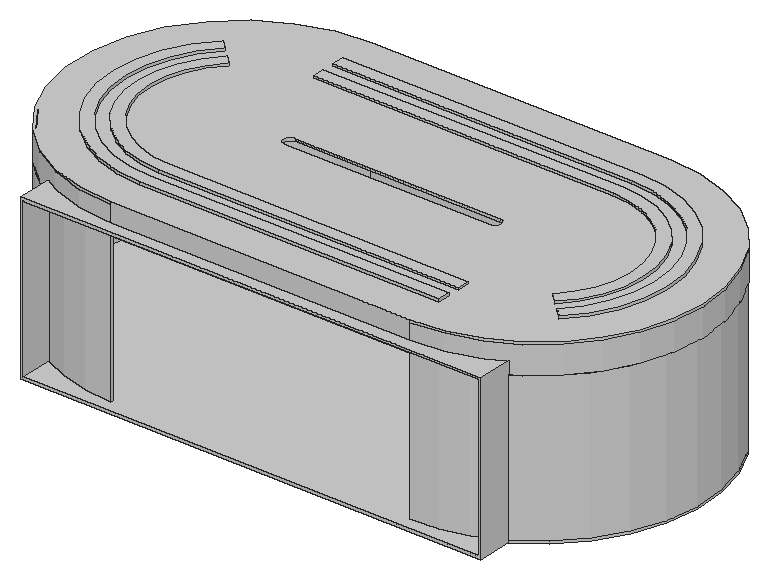
Revit family "ToiletPaperDispenser_Metlam_DoubleJumbo", category Generic Models, host Face, Revit 2013
Parameters (values of type "Metlam Double Jumbo TPD")
  Width = 520 mm
  URL = "http://www.metlam.com.au/products/washroom/123"
  StyleOrType_ANZRS = "Sanitary Ware"
  Product Code = "ML 841 DBL"
  ModifiedIssue_ANZRS = 130318.01
  Model = "Double Jumbo"
  Material = Stainless Steel, Satin
  Manufacturer = "Metlam"
  Keywords = "CAPACITY 2 Standard Rolls up to 108mm wide sheet x 300mm long"
  Height = 284 mm
  FilterObject_ANZRS = "Toilet Paper Dispenser"
  Description = "SS Double Large Toilet Roll Dispenser"
  Depth = 150 mm
  Default Elevation = 1219.2 mm
  CreatedBy_ANZRS = "RubySketch"
  CreatedByURL_ANZRS = "http://www.rubysketch.com/"
  CreatedByPhoneNo_ANZRS = "1300 844 728"
  Assembly Code = "E1090900"
Reference planes
  plane 1 "Center (Front/Back)": y = 0
  plane 2: z = 0
  plane 3 "Center (Left/Right)": x = 0
Forms (mm)
  Extrusion 1, solid, material "Stainless Steel, Satin" <- "Material", detail levels fine
    sketch origin (0, 0, 0) x (1, 0, 0) y (0, 0, 1)
      loop
        line (191, 0) -> (191, 135) -> (-191, 135) -> (-191, 0) -> (191, 0)
      loop
        line (189, 2) -> (189, 133) -> (-189, 133) -> (-189, 2) -> (189, 2)
    from 0 to -34.344
  Extrusion 2, solid, material "Stainless Steel, Satin" <- "Material", detail levels fine
    sketch origin (0, 0, 0) x (1, 0, 0) y (0, 1, 0)
      loop
        line (124, 280) -> (-124, 280)
        arc (-124, 280) -> (-259, 145) -> (-124, 10) r 135
        line (-124, 10) -> (-124, 12)
        arc (-124, 12) -> (-257, 145) -> (-124, 278) r 133
        line (-124, 278) -> (124, 278)
        arc (124, 278) -> (257, 145) -> (124, 12) r 133
        line (124, 12) -> (124, 10)
        arc (124, 10) -> (259, 145) -> (124, 280) r 135
    from 2 to 125
  Extrusion 3, solid, material "Stainless Steel, Satin" <- "Material", detail levels fine
    sketch origin (0, 0, 0) x (1, 0, 0) y (0, 1, 0)
      loop
        arc (-124, 280) -> (-259, 145) -> (-124, 10) r 135
        line (-124, 10) -> (124, 10)
        arc (124, 10) -> (259, 145) -> (124, 280) r 135
        line (124, 280) -> (-124, 280)
    from 0 to 2
  Extrusion 4, solid, material "Stainless Steel, Satin" <- "Material", detail levels fine
    sketch origin (0, 0, 0) x (1, 0, 0) y (0, 1, 0)
      loop
        line (124, 280) -> (-124, 280)
        arc (-124, 280) -> (-259, 145) -> (-124, 10) r 135
        line (-124, 10) -> (124, 10)
        arc (124, 10) -> (259, 145) -> (124, 280) r 135
      loop
        arc (-124, 278) -> (-257, 145) -> (-124, 12) r 133
        line (-124, 12) -> (124, 12)
        arc (124, 12) -> (257, 145) -> (124, 278) r 133
        line (124, 278) -> (-124, 278)
    from 125 to 148
  Extrusion 5, solid, material "Stainless Steel, Satin" <- "Material", detail levels fine
    sketch origin (0, 0, 0) x (1, 0, 0) y (0, 1, 0)
      loop
        line (124, 280) -> (-124, 280)
        arc (-124, 280) -> (-259, 145) -> (-124, 10) r 135
        line (-124, 10) -> (124, 10)
        arc (124, 10) -> (259, 145) -> (124, 280) r 135
      loop
        line (-83.6, 140) -> (86.4, 140)
        arc (86.4, 140) -> (91.4, 145) -> (86.4, 150) r 5
        line (86.4, 150) -> (-83.6, 150)
        arc (-83.6, 150) -> (-88.6, 145) -> (-83.6, 140) r 5
    from 148 to 150
  Extrusion 6, solid, material "Stainless Steel, Satin", detail levels fine
    sketch origin (0, 0, 0) x (1, 0, 0) y (0, 1, 0)
      loop
        arc (-184.104, 205.104) -> (-202.53, 112.472) -> (-124, 60) r 85
        line (-124, 60) -> (124, 60) -> (124, 70) -> (-124, 70)
        arc (-124, 70) -> (-193.291, 116.299) -> (-177.033, 198.033) r 75
        line (-177.033, 198.033) -> (-184.104, 205.104)
      loop
        arc (184.104, 84.896) -> (202.53, 177.528) -> (124, 230) r 85
        line (124, 230) -> (-124, 230) -> (-124, 220) -> (124, 220)
        arc (124, 220) -> (193.291, 173.701) -> (177.033, 91.967) r 75
        line (177.033, 91.967) -> (184.104, 84.896)
      loop
        arc (-124, 50) -> (-211.769, 108.645) -> (-191.175, 212.175) r 95
        line (-191.175, 212.175) -> (-198.246, 219.246)
        arc (-198.246, 219.246) -> (-221.007, 104.818) -> (-124, 40) r 105
        line (-124, 40) -> (124, 40) -> (124, 50) -> (-124, 50)
      loop
        line (-124, 240) -> (124, 240)
        arc (124, 240) -> (211.769, 181.355) -> (191.175, 77.825) r 95
        line (191.175, 77.825) -> (198.246, 70.754)
        arc (198.246, 70.754) -> (221.007, 185.182) -> (124, 250) r 105
        line (124, 250) -> (-124, 250) -> (-124, 240)
    from 150 to 152
  Revolve 7, solid, material "Stainless Steel, Satin" <- "Material", detail levels fine
    sketch origin (0, 0, 0) x (0, 1, 0) y (0, 0, 1)
      loop
        line (280, 115.5) -> (280, 104) -> (285, 104) -> (285, 113.5) -> (280, 115.5)
      axis (280, 104) -> (285, 104)
    angle from 0 to 360
Cuts and joins
  joined: Extrusion 1, Extrusion 2, Extrusion 3
  joined: Extrusion 4, Extrusion 5
Lines and regions (mm)
  Masking region 1
    outline origin (0, 0, 0) x (1, 0, 0) y (0, 0, 1)
      loop
        line (259, 0) -> (259, 125) -> (-259, 125) -> (-259, 0) -> (259, 0)
  Masking region 2
    outline origin (0, 0, 0) x (1, 0, 0) y (0, 0, 1)
      loop
        line (259, 125) -> (259, 150) -> (-259, 150) -> (-259, 125) -> (259, 125)
  symbolic lines
    curve 1: circle (0, 0, 104.002) r 9.497 normal (0, -1, 0)
    curve 2: circle (0, 0, 104.002) r 11.498 normal (0, -1, 0)
Dimensions and locks
  aligned and locked: plane 2 to host face
  aligned and locked: level to host face
